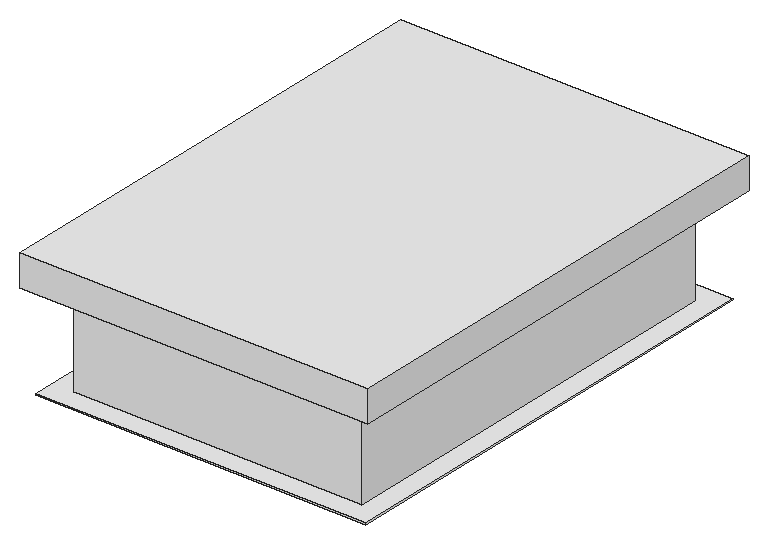
Revit family "Access_Door-Best-Access-Doors-Smoke_Vent-BA-ASV-DL_Series", category Specialty Equipment, host Face, Revit 2017
Family settings
  Host = Face
  Round Connector Dimension = Use Diameter
  Part Type = Normal
  OmniClass Number = 23.40.00.00
  Cut with Voids When Loaded = Yes
  Shared = Yes
  Room Calculation Point = No
Parameters (values of type "BA-ASV-DL-2436")
  Width = 24"
  URL = "https://www.bestaccessdoors.com/"
  Type Comments = ""
  Revised Date = "08/30/2018"  # constant formula
  Product data url = "https://bimobject.com/best-access-doors/product/smoke-vent-double-leaf-aluminum"
  Product Page URL = ""
  Product Documentation Link = ""
  Model = "BA-ASV-DL-2436"
  Material = "Aluminum-Best Access Doors-11 Gauge-Mill Finish"  # constant formula
  Manufacturer = "Best Access Doors"  # constant formula
  Length = 12"  # constant formula
  Installation Type = "Surface Mount"  # constant formula
  Height = 36"
  Finish = Aluminum-Best Access Doors-11 Gauge-Mill Finish
  Description = "Aluminum Single Leaf Smoke Vent"  # constant formula
  Default Elevation = 0"  # constant formula
  Creation Date = "08/30/2018"  # constant formula
  Assembly Code = "C1020700"
Types (7): name | Width | Model | Height
  BA-ASV-DL-4848 | 48" | "BA-ASV-DL-4848" | 48"
  BA-ASV-DL-2424 | 24" | "BA-ASV-DL-2424" | 24"
  BA-ASV-DL-2436 | 24" | "BA-ASV-DL-2436" | 36"
  BA-ASV-DL-3030 | 30" | "BA-ASV-DL-3030" | 30"
  BA-ASV-DL-3036 | 30" | "BA-ASV-DL-3036" | 36"
  BA-ASV-DL-3096 | 30" | "BA-ASV-DL-3096" | 96"
  BA-ASV-DL-3636 | 36" | "BA-ASV-DL-3636" | 36"
Reference planes (in)
  plane 1 "Center (Front/Back)": y = 0
  plane 2: z = 0
  plane 3 "Center (Left/Right)": x = 0
  plane 4: x = 16.28125
  plane 5: x = -16.28125
  plane 6: y = 18
  plane 7: y = -18
  plane 8: x = 12
  plane 9: x = -12
  plane 10: z = 12
  plane 11: y = 22.287
  plane 12: y = -22.287
  plane 13: x = 11
Forms (in)
  Sweep 1, solid, material "Aluminum-Best Access Doors-11 Gauge-Mill Finish" <- "Finish"
    path origin (0, 0, 0) x (1, 0, 0) y (0, 1, 0)
      loop
        line (-12, 18) -> (-12, -18) -> (12, -18) -> (12, 18) -> (-12, 18)
    profile origin (0, 18, 0) x (0, 1, 0) y (0, 0, 1)
      loop
        line (0, 0) -> (1.5, 0) -> (3.5, 0) -> (3.5, 0.125) -> (1.5, 0.125) -> (1.5, 8.08984) -> (2.25, 8.08984) -> (2.25, 9.08984) -> (4.287, 9.08984) -> (4.287, 12) -> (0, 12) -> (0, 0)
  Extrusion 2, solid, material "Aluminum-Best Access Doors-11 Gauge-Mill Finish" <- "Finish"
    sketch origin (0, 0, 0) x (1, 0, 0) y (0, 1, 0)
      loop
        line (-12, 18) -> (-12, -18) -> (12, -18) -> (12, 18) -> (-12, 18)
    from 0 to 12
Cuts and joins
  joined: Sweep 1, Extrusion 2
Lines and regions (in)
  Masking region 1
    outline origin (0, 0, 0) x (1, 0, 0) y (0, 1, 0)
      loop
        line (-16.287, 22.287) -> (-16.287, -22.287) -> (16.287, -22.287) -> (16.287, 22.287) -> (-16.287, 22.287)
Dimensions and locks (in)
  "Height": plane 6 to plane 7
  equal spacing: plane 9, plane 3 "Center (Left/Right)", plane 8
  "Width": plane 9 to plane 8
  locked: plane 5 to plane 9 at 4.28125
  locked: plane 8 to plane 4 at 4.28125
  "Length": plane 10 to level
  locked: plane 11 to plane 6 at 4.287
  equal spacing: plane 6, plane 1 "Center (Front/Back)", plane 7
  locked: plane 7 to plane 12 at 4.287
  locked: plane 10 to Sweep 1 sketch curve at 2.91016
  locked: plane 10 to Sweep 1 sketch curve at 3.91016
  locked: plane 11 to Sweep 1 sketch curve at 2.037
  locked: Sweep 1 sketch curve to plane 6 at 1.5
  locked: Sweep 1 sketch curve to level at 0.125
  locked: plane 11 to Sweep 1 sketch curve at 0.787
  locked: plane 13 to plane 8 at 1
  aligned and locked: plane 2 to host face
  aligned and locked: level to host face
  aligned and locked: Sweep 1 sketch curve to plane 6
  aligned and locked: Sweep 1 sketch curve to plane 9
  aligned and locked: Sweep 1 sketch curve to plane 7
  aligned and locked: Sweep 1 sketch curve to plane 8
  aligned and locked: plane 6 to Sweep 1 sketch curve
  aligned and locked: Sweep 1 sketch curve to plane 10
  aligned and locked: plane 11 to Sweep 1 sketch curve
  aligned and locked: level to Sweep 1 sketch curve
  aligned and locked: Extrusion 2 sketch curve to Sweep 1  (x4)
  aligned and locked: Extrusion 2 to level
  aligned and locked: plane 10 to Extrusion 2
  aligned and locked: Masking region 1 sketch curve to cut or joined group of Sweep 1, Extrusion 2  (x4)
Automatic sketch dimensions
  host sketch curve to host sketch curve = 96"  (x2)
  Sweep 1 sketch curve to Sweep 1 sketch curve = 0"
